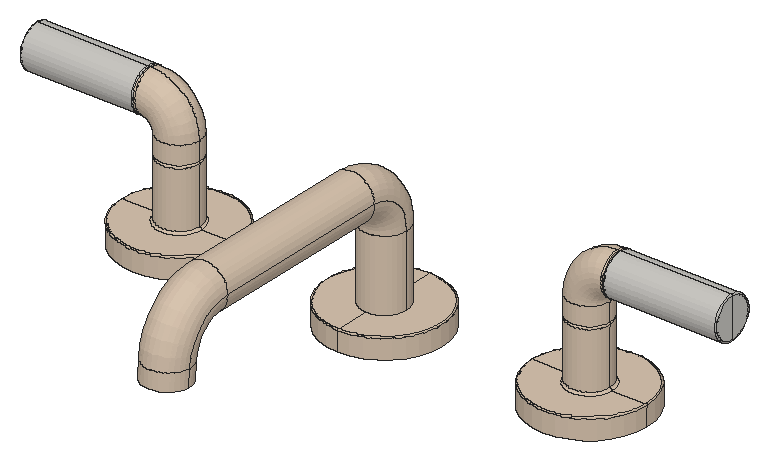
Revit family "Faucet-Lavatory-KALLISTA-One-P32356_1", category Plumbing Fixtures, host Face, Revit 2021
Family settings
  Host = Face
  Round Connector Dimension = Use Diameter
  Part Type = Normal
  OmniClass Number = 23.31.11.00
  OmniClass Title = Faucets
  Cut with Voids When Loaded = No
  Shared = No
  Room Calculation Point = No
Parameters (values of type "AD, BAF-Brushed French Gold")
  Width [instance] = Faucet Hole Spacing  # 8"
  WaterSense Certified = 1 = 0  # no
  Waste Water Outlet = "Waste Water Outlet"  # constant formula
  Waste Connection = 1 = 0  # no
  Vent Connection = 1 = 0  # no
  URL = "https://www.kallista.com/"
  Type = 1
  Spout Reach = 5.30709"  # constant formula
  Secondary Finish = Kallista-Metal-AD-Nickel_Silver
  Product Page URL = ""
  Product Name = "One"  # constant formula
  Product Documentation Link = ""
  Pressure = 45.00 psi  # constant formula
  Model = if(Type = 1, "P32356-AD-BAF", if(Type = 2, "P32356-ULB-SN", "NA"))  # "P32356-AD-BAF"
  Material = "Premium Metal Construction"  # constant formula
  Master Format 2014 Name = "Residential Faucets, Supplies, and Trim"  # constant formula
  Master Format 2014 = "22 41 39"  # constant formula
  Manufacturer Address = "444 Highland Dr, Kohler, WI 53044"  # constant formula
  Manufacturer = "Kallista Co."  # constant formula
  Length = Spout Reach  # 5.30709"
  Hot Water Inlet = "Hot Water Inlet"  # constant formula
  Height = 3.01969"  # constant formula
  Handle Clearance = 2.78622"  # constant formula
  HW Connection = 1 = 1  # yes
  Flow Rate = 1.2 GPM  # constant formula
  Finish = Kallista-Metal-BAF-Brushed_French_Gold
  Faucet Hole Spacing [instance] = 8"
  Environmental Product Declaration = ""
  Drain Included = 1 = 0  # no
  Description = "Sink Faucet, Low Spout"  # constant formula
  Default Elevation = 36"
  Declare Label = ""
  Date Modified = "02/09/2023"  # constant formula
  Date Created = "02/09/2023"  # constant formula
  Copyright = "Copyright Kallista Co."  # constant formula
  Contact Us = "https://www.kallista.com/corporate/contact-us/"
  Cold Water Inlet = "Cold Water Inlet"  # constant formula
  CW Connection = 1 = 1  # yes
  Assembly Code = "D2010"
  ADA Compliant = 1 = 0  # no
Types (3): name | Type | Secondary Finish | Model | Finish
  (no name) | 1 | Kallista-Metal-AD-Nickel_Silver | "P32356-AD-BAF" | Kallista-Metal-BAF-Brushed_French_Gold
  ULB, SN-Polished Nickel | 2 | Kallista-Metal-ULB-Unlacquered_Brass | "P32356-ULB-SN" | Kallista-Metal-SN-Polished_Nickel
  AD, BAF-Brushed French Gold | 1 | Kallista-Metal-AD-Nickel_Silver | "P32356-AD-BAF" | Kallista-Metal-BAF-Brushed_French_Gold
Reference planes (in)
  plane 1 "Center (Front/Back)": y = 0
  plane 2: z = 0
  plane 3 "Center (Left/Right)": x = 0
  plane 4: x = -4
  plane 5: x = 4
  plane 6: x = 5.12598
  plane 7: x = 2.87402
  plane 8: x = -2.87402
  plane 9: x = -5.12598
  plane 10: y = 1.12598
  plane 11: y = -1.12598
  plane 12: y = -5.74016
  plane 13: x = -1.12598
  plane 14: x = 1.12598
  plane 15: y = -5.30709
  plane 16: x = -6.78622
  plane 17: x = 6.78622
  plane 18: z = 2.8937
  plane 19: z = 3.01969
  plane 20: z = 2.48819
Dimensions and locks (in)
  equal spacing: plane 4, plane 3 "Center (Left/Right)", plane 5
  plane 9 to plane 4 to plane 8 = 1.12598", 1.12598"
  plane 7 to plane 5 to plane 6 = 1.12598", 1.12598"
  plane 11 to plane 10 = 2.25197"
  "Handle Clearance": plane 16 to plane 4
  host face to plane 19 = 3.01969"
  "Length": plane 1 "Center (Front/Back)" to plane 15
  "Height": level to plane 19
  plane 10 to plane 12 = 6.86614"
  plane 18 to level = 2.8937"
  plane 7 to plane 6 = 2.25197"
  plane 20 to level = 2.48819"
  "Width": plane 4 to plane 5
  "Handle Clearance": plane 5 to plane 17
  aligned and locked: plane 2 to host face
  aligned and locked: level to host face
  aligned and locked: plane 1 "Center (Front/Back)" to nested 1
  aligned and locked: nested 2 to plane 4
  aligned and locked: plane 1 "Center (Front/Back)" to nested 2
  aligned and locked: plane 5 to nested 3
  aligned and locked: nested 3 to plane 1 "Center (Front/Back)"
Automatic sketch dimensions
  host sketch curve to host sketch curve = 96"  (x2)
Nested families (in)
  nested 1: "P32356_Faucet" at (0, 0, 0), type "P32356_Faucet"
  nested 2: "P32356_Handle" at (-4, 0, 0), type "P32356_Handle"
  nested 3: "P32356_Handle" at (4, 0, 0) x (-1, 0, 0) z (0, 0, 1), type "P32356_Handle"
Connectors (in)
  piping at (-4, 0, 0), diameter 0.5, driven by "Flow Rate", driven by "Pressure", driven by "HW Connection", driven by "Hot Water Inlet"
    settings: on nested 2, index 1, connector inside diameter 24", connector length 0", flow factor 0, pipe flow 1.2 GPM, pressure drop 45.00 psi, fitting loss kfactor 0, connector angle 0.00°, fixture units 0, engagement length 0", angle of deflection 0.00°, flow configuration 1, flow direction 1, fitting loss method 4, system type 19, joint type 0, gender type 0, connector reference index -1, connector utility 1, adjustable connector no, is connector primary yes, connector description "Hot Water Inlet"
  piping at (4, 0, 0), diameter 0.5, driven by "Flow Rate", driven by "Pressure", driven by "Cold Water Inlet", driven by "CW Connection"
    settings: on nested 3, index 2, connector inside diameter 24", connector length 0", flow factor 0, pipe flow 1.2 GPM, pressure drop 45.00 psi, fitting loss kfactor 0, connector angle 0.00°, fixture units 0, engagement length 0", angle of deflection 0.00°, flow configuration 1, flow direction 1, fitting loss method 4, system type 20, joint type 0, gender type 0, connector reference index -1, connector utility 1, adjustable connector no, is connector primary no, connector description "Cold Water Inlet"
Definition of nested family "P32356_Faucet"
  Parameters
    Material = none
    Default Elevation = 0"
  Reference planes (in)
    plane 1 "Center (Front/Back)": y = 0
    plane 2: z = 0
    plane 3 "Center (Left/Right)": x = 0
    plane 4: x = -1.12598
    plane 5: x = 1.12598
    plane 6: through (-5.08058, 0.55674, 48) normal (-0.224, 0.9746, 0)
    plane 7: y = -1.12598
    plane 8: y = 1.12598
    plane 9: y = -5.74016
    plane 10: y = -5.30709
    plane 11: z = 3.01969
    plane 12: through (0, -5.30709, 1.37795) normal (0, 0.9986, -0.0523)
    plane 13: z = 1.40157
  Forms (in)
    Sweep 1, solid, material <- "Material", detail levels medium+fine
      path origin (0, 0, 0) x (0, 1, 0) y (0, 0, 1)
        loop
          line (0, 0.40395) -> (0, 1.7819)
          arc (0, 1.7819) -> (-0.23269, 2.34367) -> (-0.79447, 2.57636) r 0.79447
          line (-0.79447, 2.57636) -> (-4.36701, 2.57636)
          arc (-4.36701, 2.57636) -> (-5.00336, 2.32249) -> (-5.29019, 1.7003) r 0.92445
          line (-5.29019, 1.7003) -> (-5.30752, 1.36969)
      profile origin (0, 0, 1.09292) x (0, -1, 0) y (1, 0, 0)
        loop
          circle (0, 0) r 0.44
    Revolve 2, solid, material <- "Material", detail levels medium+fine
      sketch origin (0, 0, 0) x (0, 1, 0) y (0, 0, 1)
        loop
          line (0, 0) -> (0, 0.4) -> (-1.10605, 0.4)
          arc (-1.10605, 0.4) -> (-1.12015, 0.39416) -> (-1.12598, 0.38007) r 0.01993
          line (-1.12598, 0.38007) -> (-1.12598, 0) -> (0, 0)
        axis (0, 0) -> (0, 0.4)
      angle from 0 to 360
    Revolve 3, void
      sketch origin (0, 0, 0) x (0, 1, 0) y (0, 0, 1)
        loop
          line (-5.31897, 1.15119) -> (-4.94852, 1.13177) -> (-4.87702, 1.93966) -> (-5.27655, 1.9606) -> (-5.31897, 1.15119)
        axis (-5.31897, 1.15119) -> (-5.27655, 1.9606)
      angle from 0 to 360
    Extrusion 4, solid, detail levels medium+fine
      sketch origin (0, -0.08171, -0.27545) x (1, 0, 0) y (0, 0.99863, -0.052336)
        loop
          arc (0.3028, -5.51311) -> (0.33775, -5.4493) -> (0.35822, -5.37949) r 0.3377
          line (0.35822, -5.37949) -> (0.3184, -5.37949)
          arc (0.3184, -5.37949) -> (0.30165, -5.43433) -> (0.27453, -5.48484) r 0.29266
          line (0.27453, -5.48484) -> (0.3028, -5.51311)
        loop
          line (0.3183, -5.23969) -> (0.35823, -5.23969)
          arc (0.35823, -5.23969) -> (0.33728, -5.17005) -> (0.30278, -5.10603) r 0.36041
          line (0.30278, -5.10603) -> (0.27456, -5.13426)
          arc (0.27456, -5.13426) -> (0.30222, -5.18457) -> (0.3183, -5.23969) r 0.26293
        loop
          line (0.07, -5.62545) -> (0.07, -5.66732)
          arc (0.07, -5.66732) -> (0.13975, -5.64652) -> (0.20382, -5.61197) r 0.3558
          line (0.20382, -5.61197) -> (0.17562, -5.58377)
          arc (0.17562, -5.58377) -> (0.1254, -5.61118) -> (0.07, -5.62545) r 0.23166
        loop
          line (-0.07, -5.66738) -> (-0.07, -5.62545)
          arc (-0.07, -5.62545) -> (-0.12512, -5.61107) -> (-0.17448, -5.58265) r 0.21379
          line (-0.17448, -5.58265) -> (-0.20381, -5.61197)
          arc (-0.20381, -5.61197) -> (-0.13951, -5.64596) -> (-0.07, -5.66738) r 0.38856
        loop
          arc (-0.27464, -5.48499) -> (-0.30045, -5.43395) -> (-0.3179, -5.37949) r 0.3622
          line (-0.3179, -5.37949) -> (-0.35822, -5.37949)
          arc (-0.35822, -5.37949) -> (-0.33775, -5.44933) -> (-0.30283, -5.51318) r 0.33844
          line (-0.30283, -5.51318) -> (-0.27464, -5.48499)
        loop
          arc (-0.3183, -5.23969) -> (-0.3009, -5.18493) -> (-0.27534, -5.13347) r 0.37561
          line (-0.27534, -5.13347) -> (-0.30361, -5.1052)
          arc (-0.30361, -5.1052) -> (-0.3374, -5.16981) -> (-0.35823, -5.23969) r 0.38001
          line (-0.35823, -5.23969) -> (-0.3183, -5.23969)
        loop
          line (-0.06999, -4.99173) -> (-0.06999, -4.95272)
          arc (-0.06999, -4.95272) -> (-0.13942, -4.97343) -> (-0.20321, -5.00776) r 0.3562
          line (-0.20321, -5.00776) -> (-0.17557, -5.0354)
          arc (-0.17557, -5.0354) -> (-0.12492, -5.00839) -> (-0.06999, -4.99173) r 0.29431
        loop
          arc (0.20381, -5.0072) -> (0.1395, -4.97321) -> (0.06999, -4.95179) r 0.38878
          line (0.06999, -4.95179) -> (0.06999, -4.99173)
          arc (0.06999, -4.99173) -> (0.12488, -5.00849) -> (0.17552, -5.03548) r 0.29701
          line (0.17552, -5.03548) -> (0.20381, -5.0072)
      from 1.39652 to 1.95752
    Revolve 5, solid, detail levels medium+fine
      sketch origin (0, 0, 0) x (0, 1, 0) y (0, 0, 1)
        loop
          line (-5.59879, 1.46852) -> (-5.57162, 1.98693) -> (-5.65025, 1.99105) -> (-5.67742, 1.47264) -> (-5.59879, 1.46852)
        axis (-5.30315, 1.45303) -> (-5.27598, 1.97143)
      angle from 0 to 360
    Revolve 6, solid, detail levels medium+fine
      sketch origin (0, 0, 0) x (0, 1, 0) y (0, 0, 1)
        loop
          line (-5.30093, 1.49543) -> (-4.93515, 1.47626) -> (-4.91083, 1.94026) -> (-5.27661, 1.95943) -> (-5.30093, 1.49543)
        axis (-5.30093, 1.49543) -> (-5.27661, 1.95943)
      angle from 0 to 360
    Extrusion 7, void
      sketch origin (0, -0.06408, -0.19) x (1, 0, 0) y (0, 0.999349, -0.036083)
        loop
          circle (-0.12374, -5.45587) r 0.01969
        loop
          circle (-0.04175, -5.49333) r 0.01969
        loop
          circle (0.04556, -5.49037) r 0.01969
        loop
          circle (0.12424, -5.44884) r 0.01969
        loop
          circle (0.18556, -5.35088) r 0.01969
        loop
          circle (0.1831, -5.2407) r 0.01969
        loop
          circle (0.11973, -5.1474) r 0.01969
        loop
          circle (0.04556, -5.10966) r 0.01969
        loop
          circle (-0.19131, -5.23765) r 0.01969
        loop
          circle (-0.12398, -5.14349) r 0.01969
        loop
          circle (-0.04315, -5.10697) r 0.01969
        loop
          circle (-0.0046, -5.30001) r 0.01969
        loop
          circle (-0.19403, -5.35357) r 0.01969
        loop
          circle (-0.09777, -5.30001) r 0.01969
        loop
          circle (-0.07384, -5.36236) r 0.01969
        loop
          circle (-0.01434, -5.39267) r 0.01969
        loop
          circle (-0.07384, -5.23767) r 0.01969
        loop
          circle (-0.01434, -5.20735) r 0.01969
        loop
          circle (0.08857, -5.30001) r 0.01969
        loop
          circle (0.06464, -5.36236) r 0.01969
        loop
          circle (0.06464, -5.23767) r 0.01969
      from 1.27207 to 1.73569
    Sweep 8, solid, material <- "Material", detail levels coarse
      path origin (0, 0, 0) x (0, 1, 0) y (0, 0, 1)
        loop
          line (0, 0.40395) -> (0, 1.59211)
          arc (0, 1.59211) -> (-0.28828, 2.28808) -> (-0.98425, 2.57636) r 0.98425
          line (-0.98425, 2.57636) -> (-4.31026, 2.57636)
          arc (-4.31026, 2.57636) -> (-4.98777, 2.30606) -> (-5.29316, 1.64362) r 0.98425
          line (-5.29316, 1.64362) -> (-5.30752, 1.36969)
      profile origin (0, 0, 0.99803) x (0, -1, 0) y (1, 0, 0)
        loop
          circle (0, 0) r 0.44
    Revolve 9, solid, material <- "Material", detail levels coarse
      sketch origin (0, 0, 0) x (0, 1, 0) y (0, 0, 1)
        loop
          line (0, 0) -> (0, 0.4) -> (-1.12598, 0.4) -> (-1.12598, 0) -> (0, 0)
        axis (0, 0) -> (0, 0.4)
      angle from 0 to 360
  Cuts and joins
    Revolve 3 cuts Sweep 1
    joined: Sweep 1, Revolve 2
    Extrusion 7 cuts Revolve 6
  Lines and regions (in)
    Masking region 1
      outline origin (0, 0, 0) x (1, 0, 0) y (0, 1, 0)
        loop
          arc (-0.44033, -5.29934) -> (0, -5.73967) -> (0.44033, -5.29934) r 0.44033
          line (0.44033, -5.29934) -> (0.44033, -1.03525)
          arc (0.44033, -1.03525) -> (0, 1.125) -> (-0.44033, -1.03525) r 1.125
          line (-0.44033, -1.03525) -> (-0.44033, -5.29934)
    Masking region 2
      outline origin (0, 0, 0) x (1, 0, 0) y (0, 0, 1)
        loop
          line (0, 0) -> (1.12598, 0) -> (1.12598, 0.37787)
          arc (1.12598, 0.37787) -> (1.11909, 0.39451) -> (1.10245, 0.4014) r 0.02353
          line (1.10245, 0.4014) -> (0.44, 0.4014) -> (0.44, 2.5793)
          arc (0.44, 2.5793) -> (0, 3.0193) -> (-0.44, 2.5793) r 0.44
          line (-0.44, 2.5793) -> (-0.44, 0.4014) -> (-1.10245, 0.4014)
          arc (-1.10245, 0.4014) -> (-1.11909, 0.39451) -> (-1.12598, 0.37787) r 0.02353
          line (-1.12598, 0.37787) -> (-1.12598, 0) -> (0, 0)
    Masking region 3
      outline origin (0, 0, 0) x (0, 1, 0) y (0, 0, 1)
        loop
          line (-0.80442, 3.01969) -> (-4.41031, 3.01969)
          arc (-4.41031, 3.01969) -> (-5.33868, 2.63988) -> (-5.73463, 1.71828) r 1.32452
          line (-5.73463, 1.71828) -> (-5.73996, 1.41283)
          arc (-5.73996, 1.41283) -> (-5.73429, 1.39805) -> (-5.71994, 1.39136) r 0.02113
          line (-5.71994, 1.39136) -> (-4.89248, 1.34799)
          arc (-4.89248, 1.34799) -> (-4.87714, 1.35342) -> (-4.87013, 1.36811) r 0.02126
          line (-4.87013, 1.36811) -> (-4.85159, 1.72195)
          arc (-4.85159, 1.72195) -> (-4.71467, 2.01895) -> (-4.41091, 2.14014) r 0.44128
          line (-4.41091, 2.14014) -> (-0.88834, 2.14014)
          arc (-0.88834, 2.14014) -> (-0.57137, 2.00885) -> (-0.44007, 1.69187) r 0.44827
          line (-0.44007, 1.69187) -> (-0.44007, 0.39985) -> (-1.10437, 0.39985)
          arc (-1.10437, 0.39985) -> (-1.11965, 0.39352) -> (-1.12598, 0.37824) r 0.02162
          line (-1.12598, 0.37824) -> (-1.12598, 0) -> (1.12598, 0) -> (1.12598, 0.37824)
          arc (1.12598, 0.37824) -> (1.11965, 0.39352) -> (1.10437, 0.39985) r 0.02162
          line (1.10437, 0.39985) -> (0.44007, 0.39985) -> (0.44007, 1.77519)
          arc (0.44007, 1.77519) -> (0.07557, 2.65518) -> (-0.80442, 3.01969) r 1.24449
    symbolic lines, detail levels medium+fine
      curve 1: spline (-0.43997, 0, 1.36938) -> (-0.42498, 0, 1.37544) -> (-0.38103, 0, 1.38108) -> (-0.31111, 0, 1.38593) -> (-0.21999, 0, 1.38965) -> (-0.11387, 0, 1.39199) -> (0, 0, 1.39279) -> (0.11387, 0, 1.39199) -> (0.21999, 0, 1.38965) -> (0.31111, 0, 1.38593) -> (0.38103, 0, 1.38108) -> (0.42498, 0, 1.37544) -> (0.43997, 0, 1.36938) -> (0.42498, 0, 1.36333) -> (0.38103, 0, 1.35768) -> (0.31111, 0, 1.35284) -> (0.21999, 0, 1.34912) -> (0.11387, 0, 1.34678) -> (0, 0, 1.34598) -> (-0.11387, 0, 1.34678) -> (-0.21999, 0, 1.34912) -> (-0.31111, 0, 1.35284) -> (-0.38103, 0, 1.35768) -> (-0.42498, 0, 1.36333) -> (-0.43997, 0, 1.36938)
      curve 2: spline (-0.36761, 0, 1.36956) -> (-0.35509, 0, 1.37204) -> (-0.31836, 0, 1.37435) -> (-0.25994, 0, 1.37633) -> (-0.18381, 0, 1.37785) -> (-0.09515, 0, 1.37881) -> (0, 0, 1.37913) -> (0.09515, 0, 1.37881) -> (0.18381, 0, 1.37785) -> (0.25994, 0, 1.37633) -> (0.31836, 0, 1.37435) -> (0.35509, 0, 1.37204) -> (0.36761, 0, 1.36956) -> (0.35509, 0, 1.36708) -> (0.31836, 0, 1.36477) -> (0.25994, 0, 1.36279) -> (0.18381, 0, 1.36127) -> (0.09515, 0, 1.36031) -> (0, 0, 1.35999) -> (-0.09515, 0, 1.36031) -> (-0.18381, 0, 1.36127) -> (-0.25994, 0, 1.36279) -> (-0.31836, 0, 1.36477) -> (-0.35509, 0, 1.36708) -> (-0.36761, 0, 1.36956)
      curve 3: line (-0.44, 0, 0.4014) -> (0.44, 0, 0.4014)
      curve 4: line (-1.12598, 0, 0.37787) -> (1.12598, 0, 0.37787)
      curve 5: arc (-0.26069, 0, 1.89493) -> (-0.01743, 0, 1.90733) -> (0.22596, 0, 1.89765) r 2.68722
      curve 6: arc (-0.39635, 0, 1.87203) -> (-0.32893, 0, 1.88588) -> (-0.26069, 0, 1.89493) r 0.97044
      curve 7: arc (-0.44, 0, 1.85152) -> (-0.41921, 0, 1.86398) -> (-0.39635, 0, 1.87203) r 0.12079
      curve 8: arc (0.39635, 0, 1.87203) -> (0.31172, 0, 1.88863) -> (0.22596, 0, 1.89765) r 0.97044
      curve 9: arc (0.44, 0, 1.85152) -> (0.41921, 0, 1.86398) -> (0.39635, 0, 1.87203) r 0.12079
      curve 10: line (0, 1.12598, 0.37824) -> (0, -1.12598, 0.37824)
      curve 11: line (0, -0.44, 0.4) -> (0, 0.44, 0.4)
      curve 12: line (0, -4.41091, 2.14014) -> (0, -4.48786, 3.01969)
      curve 13: line (0, -4.87013, 1.36811) -> (0, -5.73995, 1.41369)
      curve 14: line (0, -0.44007, 1.69187) -> (0, 0.43728, 1.69187)
      curve 15: line (0, -0.88834, 2.14014) -> (0, -0.80442, 3.01969)
      curve 16: arc (-0.43984, 0.00388, 0) -> (0, 0.44372, 0) -> (0.43984, 0.00388, 0) r 0.43984
      curve 17: arc (0.58256, -0.93427, 0) -> (0.02362, 1.10076, 0) -> (-0.6221, -0.90841, 0) r 1.10101
      curve 18: arc (0.44057, -5.28362, 0) -> (0, -5.72419, 0) -> (-0.44057, -5.28362, 0) r 0.44057
      curve 19: arc (0.43984, -0.18269, 0) -> (0, 0.47627, 0) -> (-0.43984, -0.18269, 0) r 0.47627
      curve 20: arc (-0.6221, -0.90841, 0) -> (-0.53399, -0.96066, 0) -> (-0.43984, -1.001, 0) r 0.7857
      curve 21: arc (0.43984, -1.00833, 0) -> (0.51266, -0.97411, 0) -> (0.58256, -0.93427, 0) r 1.02019
      curve 22: line (-0.43984, 0.00388, 0) -> (-0.43984, -1.03546, 0)
      curve 23: line (0.43984, 0.00388, 0) -> (0.43984, -1.03546, 0)
      curve 24: line (-0.44033, -4.12598, 0) -> (0.44033, -4.12598, 0)
      curve 25: line (-0.44033, -1.12598, 0) -> (0.44033, -1.12598, 0)
  Dimensions and locks (in)
    plane 4 to plane 5 = 2.25197"
    plane 8 to plane 7 = 2.25197"
    plane 1 "Center (Front/Back)" to plane 10 = 5.30709"
    plane 8 to plane 9 = 6.86614"
    plane 11 to level = 3.01969"
    plane 13 to level = 1.40157"  (x2)
    aligned and locked: plane 2 to level
Definition of nested family "P32356_Handle"
  Parameters (values of type "P32356_Handle")
    Secondary Material = none
    Material = none
    Default Elevation = 0"
  Reference planes (in)
    plane 1 "Center (Front/Back)": y = 0
    plane 2: z = 0
    plane 3 "Center (Left/Right)": x = 0
    plane 4: z = 2.8937
    plane 5: z = 2.48819
    plane 6: x = 1.12598
    plane 7: x = -1.12598
    plane 8: y = 0.40169
    plane 9: y = -0.40169
    plane 10: x = -2.78604
    plane 11: y = 1.12598
    plane 12: y = -1.12598
  Forms (in)
    Revolve 1, solid, material <- "Material", detail levels medium+fine
      sketch origin (0, 0, 0) x (1, 0, 0) y (0, 0, 1)
        loop
          line (0, 0) -> (1.12598, 0) -> (1.12598, 0.37796)
          arc (1.12598, 0.37796) -> (1.11944, 0.39377) -> (1.10362, 0.40032) r 0.02236
          line (1.10362, 0.40032) -> (0.44271, 0.40032)
          arc (0.44271, 0.40032) -> (0.41394, 0.41224) -> (0.40202, 0.44102) r 0.0407
          line (0.40202, 0.44102) -> (0.40202, 1.53181)
          arc (0.40202, 1.53181) -> (0.39093, 1.55858) -> (0.36415, 1.56967) r 0.03786
          line (0.36415, 1.56967) -> (0, 1.56967) -> (0, 0)
        axis (0, 0) -> (0, 1.56967)
      angle from 0 to 360
    Sweep 2, solid, material <- "Material", detail levels medium+fine
      path origin (0, 0, 0) x (1, 0, 0) y (0, 0, 1)
        loop
          line (0, 1.588) -> (0, 1.9423)
          arc (0, 1.9423) -> (-0.15989, 2.3283) -> (-0.54589, 2.48819) r 0.54589
          line (-0.54589, 2.48819) -> (-0.5855, 2.48819)
      profile origin (0, 0, 1.76515) x (-1, 0, 0) y (0, -1, 0)
        loop
          circle (0, 0) r 0.40417
    Revolve 3, solid, material <- "Secondary Material", detail levels medium+fine
      sketch origin (0, 0, 0) x (1, 0, 0) y (0, 0, 1)
        loop
          line (-0.58584, 2.48819) -> (-0.58584, 2.87312)
          arc (-0.58584, 2.87312) -> (-0.59187, 2.88767) -> (-0.60642, 2.8937) r 0.02058
          line (-0.60642, 2.8937) -> (-2.76323, 2.8937)
          arc (-2.76323, 2.8937) -> (-2.77932, 2.88704) -> (-2.78598, 2.87095) r 0.02275
          line (-2.78598, 2.87095) -> (-2.78598, 2.48819) -> (-0.58584, 2.48819)
        axis (-0.58584, 2.48819) -> (-2.78598, 2.48819)
      angle from 0 to 360
    Revolve 4, solid, detail levels medium+fine
      sketch origin (0, 0, 0) x (1, 0, 0) y (0, 0, 1)
        loop
          line (0, 1.57) -> (0, 1.60191) -> (-0.35, 1.60191) -> (-0.35, 1.57) -> (0, 1.57)
        axis (0, 1.57) -> (0, 1.60937)
      angle from 0 to 360
    Extrusion 5, solid, material <- "Material", detail levels medium+fine
      sketch origin (0, 0, 0) x (1, 0, 0) y (0, 1, 0)
        loop
          circle (0, 0) r 0.03937
      from 0 to 0.018
    Revolve 6, solid, material <- "Material", detail levels coarse
      sketch origin (0, 0, 0) x (1, 0, 0) y (0, 0, 1)
        loop
          line (0, 0) -> (1.12598, 0) -> (1.12598, 0.40032) -> (0.40202, 0.40032) -> (0.40202, 1.56967) -> (0, 1.56967) -> (0, 0)
        axis (0, 0) -> (0, 1.56967)
      angle from 0 to 360
    Sweep 7, solid, material <- "Material", detail levels coarse
      path origin (0, 0, 0) x (1, 0, 0) y (0, 0, 1)
        loop
          line (0, 1.56967) -> (0, 1.9423)
          arc (0, 1.9423) -> (-0.15989, 2.3283) -> (-0.54589, 2.48819) r 0.54589
          line (-0.54589, 2.48819) -> (-0.5855, 2.48819)
      profile origin (0, 0, 1.75599) x (-1, 0, 0) y (0, -1, 0)
        loop
          circle (0, 0) r 0.40202
    Revolve 8, solid, material <- "Secondary Material", detail levels coarse
      sketch origin (0, 0, 0) x (1, 0, 0) y (0, 0, 1)
        loop
          line (-0.58584, 2.48819) -> (-0.58584, 2.8937) -> (-2.78598, 2.8937) -> (-2.78598, 2.48819) -> (-0.58584, 2.48819)
        axis (-0.58584, 2.48819) -> (-2.78598, 2.48819)
      angle from 0 to 360
  Cuts and joins
    joined: Revolve 6, Sweep 7
  Lines and regions (in)
    Masking region 1
      outline origin (0, 0, 0) x (1, 0, 0) y (0, 1, 0)
        loop
          line (-2.76514, -0.40169) -> (-1.0519, -0.40169)
          arc (-1.0519, -0.40169) -> (1.12598, 0) -> (-1.0519, 0.40169) r 1.12598
          line (-1.0519, 0.40169) -> (-2.76532, 0.40169)
          arc (-2.76532, 0.40169) -> (-2.77995, 0.39563) -> (-2.786, 0.38101) r 0.02068
          line (-2.786, 0.38101) -> (-2.786, -0.38082)
          arc (-2.786, -0.38082) -> (-2.77989, -0.39557) -> (-2.76514, -0.40169) r 0.02087
    Masking region 2
      outline origin (0, 0, 0) x (1, 0, 0) y (0, 0, 1)
        loop
          arc (-0.58604, 2.86869) -> (-0.58056, 2.88312) -> (-0.56689, 2.89028) r 0.02174
          arc (-0.56689, 2.89028) -> (0.12919, 2.58766) -> (0.40207, 1.87938) r 0.98275
          line (0.40207, 1.87938) -> (0.40207, 1.59789)
          arc (0.40207, 1.59789) -> (0.39628, 1.58391) -> (0.38229, 1.57812) r 0.01977
          line (0.38229, 1.57812) -> (0.32996, 1.57812) -> (0.36251, 1.57)
          arc (0.36251, 1.57) -> (0.39066, 1.55834) -> (0.40232, 1.53019) r 0.03981
          line (0.40232, 1.53019) -> (0.40232, 0.44054)
          arc (0.40232, 0.44054) -> (0.41415, 0.41198) -> (0.44272, 0.40015) r 0.0404
          line (0.44272, 0.40015) -> (1.10515, 0.40015)
          arc (1.10515, 0.40015) -> (1.11988, 0.39404) -> (1.12598, 0.37931) r 0.02084
          line (1.12598, 0.37931) -> (1.12598, 0) -> (-1.12598, 0) -> (-1.12598, 0.37931)
          arc (-1.12598, 0.37931) -> (-1.11988, 0.39404) -> (-1.10515, 0.40015) r 0.02084
          line (-1.10515, 0.40015) -> (-0.44272, 0.40015)
          arc (-0.44272, 0.40015) -> (-0.41415, 0.41198) -> (-0.40232, 0.44054) r 0.0404
          line (-0.40232, 0.44054) -> (-0.40232, 1.53019)
          arc (-0.40232, 1.53019) -> (-0.39066, 1.55834) -> (-0.36251, 1.57) r 0.03981
          line (-0.36251, 1.57) -> (-0.32996, 1.57812) -> (-0.38171, 1.57812)
          arc (-0.38171, 1.57812) -> (-0.3961, 1.58408) -> (-0.40207, 1.59848) r 0.02036
          line (-0.40207, 1.59848) -> (-0.40207, 1.90334)
          arc (-0.40207, 1.90334) -> (-0.45023, 2.02561) -> (-0.56689, 2.0861) r 0.18721
          arc (-0.56689, 2.0861) -> (-0.58056, 2.09326) -> (-0.58604, 2.10769) r 0.02174
        loop
          line (-0.6059, 2.8937) -> (-2.76498, 2.8937)
          arc (-2.76498, 2.8937) -> (-2.77987, 2.88753) -> (-2.78604, 2.87264) r 0.02106
          line (-2.78604, 2.87264) -> (-2.78604, 2.10576)
          arc (-2.78604, 2.10576) -> (-2.7801, 2.09142) -> (-2.76577, 2.08549) r 0.02027
          line (-2.76577, 2.08549) -> (-0.6059, 2.08549)
          arc (-0.6059, 2.08549) -> (-0.59186, 2.0913) -> (-0.58604, 2.10535) r 0.01986
        loop
          arc (-0.6059, 2.89089) -> (-0.59186, 2.88508) -> (-0.58604, 2.87103) r 0.01986
    Masking region 3
      outline origin (0, 0, 0) x (0, 1, 0) y (0, 0, 1)
        loop
          line (-1.12598, 0) -> (1.12598, 0) -> (1.12598, 0.37894)
          arc (1.12598, 0.37894) -> (1.11975, 0.39398) -> (1.10471, 0.40021) r 0.02128
          line (1.10471, 0.40021) -> (0.44253, 0.40021)
          arc (0.44253, 0.40021) -> (0.41365, 0.41218) -> (0.40169, 0.44106) r 0.04084
          line (0.40169, 0.44106) -> (0.40169, 1.53115)
          arc (0.40169, 1.53115) -> (0.39022, 1.55882) -> (0.36255, 1.57029) r 0.03914
          line (0.36255, 1.57029) -> (0.31799, 1.57029) -> (0.34995, 1.57797) -> (0.3817, 1.57797)
          arc (0.3817, 1.57797) -> (0.39583, 1.58383) -> (0.40169, 1.59796) r 0.01999
          line (0.40169, 1.59796) -> (0.40169, 2.49279)
          arc (0.40169, 2.49279) -> (0, 2.89447) -> (-0.40169, 2.49279) r 0.40169
          line (-0.40169, 2.49279) -> (-0.40169, 1.59796)
          arc (-0.40169, 1.59796) -> (-0.39583, 1.58383) -> (-0.3817, 1.57797) r 0.01999
          line (-0.3817, 1.57797) -> (-0.34995, 1.57797) -> (-0.31799, 1.57029) -> (-0.36255, 1.57029)
          arc (-0.36255, 1.57029) -> (-0.39022, 1.55882) -> (-0.40169, 1.53115) r 0.03914
          line (-0.40169, 1.53115) -> (-0.40169, 0.44106)
          arc (-0.40169, 0.44106) -> (-0.41365, 0.41218) -> (-0.44253, 0.40021) r 0.04084
          line (-0.44253, 0.40021) -> (-1.10471, 0.40021)
          arc (-1.10471, 0.40021) -> (-1.11975, 0.39398) -> (-1.12598, 0.37894) r 0.02128
          line (-1.12598, 0.37894) -> (-1.12598, 0)
    symbolic lines, detail levels medium+fine
      curve 1: line (-1.04994, 0.40169, 0) -> (-0.59696, 0.40169, 0)
      curve 2: line (-0.57306, 0.40169, 0) -> (0.00747, 0.40169, 0)
      curve 3: arc (-0.5859, 0.38861, 0) -> (-0.58223, 0.39784, 0) -> (-0.57306, 0.40169, 0) r 0.01284
      curve 4: arc (-0.59696, 0.40169, 0) -> (-0.5884, 0.39771, 0) -> (-0.5859, 0.38861, 0) r 0.01122
      curve 5: line (-1.04994, -0.40169, 0) -> (-0.59696, -0.40169, 0)
      curve 6: line (-0.57306, -0.40169, 0) -> (0.00747, -0.40169, 0)
      curve 7: arc (-0.5859, -0.38861, 0) -> (-0.58223, -0.39784, 0) -> (-0.57306, -0.40169, 0) r 0.01284
      curve 8: arc (-0.59696, -0.40169, 0) -> (-0.5884, -0.39771, 0) -> (-0.5859, -0.38861, 0) r 0.01122
      curve 9: arc (0.00747, 0.40169, 0) -> (0.40915, 0, 0) -> (0.00747, -0.40169, 0) r 0.40169
      curve 10: arc (-0.21358, -0.40169, 0) -> (0.45494, 0, 0) -> (-0.21358, 0.40169, 0) r 0.45494
      curve 11: arc (-1.02811, -0.40169, 0) -> (1.10379, 0, 0) -> (-1.02811, 0.40169, 0) r 1.10379
      curve 12: line (-0.59696, -0.40169, 0) -> (-0.59696, 0.40169, 0)
      curve 13: line (-0.57306, 0.40169, 0) -> (-0.57306, -0.40169, 0)
      curve 14: line (-0.5859, -0.38861, 0) -> (-0.5859, 0.38861, 0)
      curve 15: line (-2.76532, 0.40169, 0) -> (-2.76532, -0.40169, 0)
      curve 16: line (-0.32996, 0, 1.57812) -> (0.34122, 0, 1.57812)
      curve 17: line (-0.40207, 0, 1.59848) -> (0.40206, 0, 1.59848)
      curve 18: line (-0.40232, 0, 1.53019) -> (0.40232, 0, 1.53019)
      curve 19: line (0.36251, 0, 1.57) -> (-0.36251, 0, 1.57)
      curve 20: line (-0.58604, 0, 2.86869) -> (-0.58604, 0, 2.10535)
      curve 21: line (-0.6059, 0, 2.8937) -> (-0.6059, 0, 2.08549)
      curve 22: line (-0.56689, 0, 2.89028) -> (-0.56689, 0, 2.0861)
      curve 23: line (-2.76498, 0, 2.8937) -> (-2.76498, 0, 2.0855)
      curve 24: line (-0.40232, 0, 0.44054) -> (0.40232, 0, 0.44054)
      curve 25: line (-0.44272, 0, 0.40015) -> (0.44272, 0, 0.40015)
      curve 26: line (-1.12598, 0, 0.37931) -> (1.12598, 0, 0.37931)
      curve 27: line (0, 0.31799, 1.57029) -> (0, -0.31799, 1.57029)
      curve 28: line (0, 0.34995, 1.57797) -> (0, -0.34995, 1.57797)
      curve 29: line (0, 0.40169, 1.53115) -> (0, -0.40169, 1.53115)
      curve 30: line (0, -0.40169, 1.59796) -> (0, 0.40169, 1.59796)
      curve 31: circle (0, 0, 2.48819) r 0.38143 normal (1, 0, 0)
      curve 32: arc (0, 0.40166, 2.48819) -> (0, 0, 2.08191) -> (0, -0.40166, 2.48819) r 0.40169
      curve 33: line (0, 0.40169, 1.91471) -> (0, -0.40169, 1.91471)
      curve 34: line (0, 0.44253, 0.40021) -> (0, -0.44253, 0.40021)
      curve 35: line (0, -0.40169, 0.44106) -> (0, 0.40169, 0.44106)
      curve 36: line (0, 1.12598, 0.37894) -> (0, -1.12598, 0.37894)
  Dimensions and locks (in)
    level to plane 5 = 2.48819"
    level to plane 4 = 2.8937"
    plane 6 to plane 7 = 2.25197"
    aligned and locked: plane 2 to level
